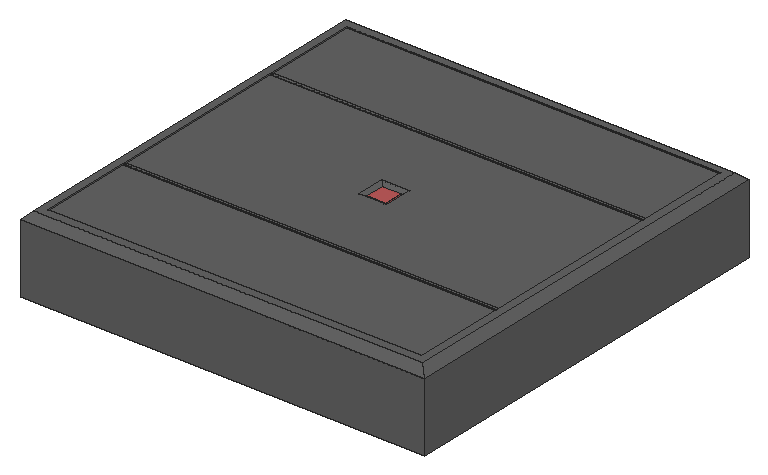
Revit family "Proximity Reader_P-900_Farpointe_R17", category Security Devices, host Face, Revit 2017
Family settings
  Host = Face
  Maintain Annotation Orientation = No
  Round Connector Dimension = Use Diameter
  Part Type = Normal
  Cut with Voids When Loaded = No
  Shared = No
  Room Calculation Point = No
Parameters
  Width = 10.5"
  URL - Quick Start Guides [instance] = "http://farpointedata.com/downloads/qsg_and_ref/ProximityReaders_QSG.pdf"
  URL - Mounting Guides Letter Size [instance] = "http://farpointedata.com/downloads/mounting_guides/MountingGuide_P900_Ltr.pdf"
  URL - Mounting Guides A4 Size [instance] = "http://farpointedata.com/downloads/mounting_guides/MountingGuide_P900_A4.pdf"
  URL - Data Sheets [instance] = "http://farpointedata.com/downloads/datasheets/P900_TDS.pdf"
  URL - Bid Specifications [instance] = "http://farpointedata.com/downloads/bid_specs/Farpointe_Pyramid_Specification.docx"
  URL = "http://www.farpointedata.com/"
  Modeled By [instance] = "www.commensestudio.com"
  Model = "P-900 Proximity Reader"  # constant formula
  Manufacturer = "Farpointe Data"  # constant formula
  LED [instance] = LED
  Height = 10.5"
  Description = "Long-Range Proximity, Single/Double-Gang Wall Switch Box"  # constant formula
  Depth = 2"
  Default Elevation = 48"
  Cover [instance] = Cover
Reference planes (in)
  plane 1 "Center (Front/Back)": y = 0
  plane 2: z = 0
  plane 3 "Center (Left/Right)": x = 0
  plane 4: x = -5.25
  plane 5: x = 5.25
  plane 6: y = 5.25
  plane 7: y = -5.25
  plane 8: z = 2
Forms (in)
  Extrusion 1, solid, material "Cover" <- "Cover"
    sketch origin (0, 0, 1.3) x (1, 0, 0) y (0, 1, 0)
      loop
        line (-5.25, -5.25) -> (5.25, -5.25) -> (5.25, 5.25) -> (-5.25, 5.25) -> (-5.25, -5.25)
    from -1.3 to 0.5
  Blend 2, solid, material "Cover" <- "Cover"
    base sketch origin (0, 0, 1.3) x (1, 0, 0) y (0, 1, 0)
      loop
        line (-5.25, 5.25) -> (-5.25, -5.25) -> (5.25, -5.25) -> (5.25, 5.25) -> (-5.25, 5.25)
    top sketch origin (0, 0, 1.3) x (1, 0, 0) y (0, 1, 0)
      loop
        line (-5.05, 5.05) -> (-5.05, -5.05) -> (5.05, -5.05) -> (5.05, 5.05) -> (-5.05, 5.05)
    from 0.5 to 0.7
  Extrusion 3, solid, material "LED" <- "LED"
    sketch origin (0, 0, 1.3) x (1, 0, 0) y (0, 1, 0)
      loop
        line (0.25, -0.25) -> (0.25, 0.25) -> (-0.25, 0.25) -> (-0.25, -0.25) -> (0.25, -0.25)
    from 0.5 to 0.61661
  Blend 4, void
    base sketch origin (0, 0, 1.3) x (1, 0, 0) y (0, 1, 0)
      loop
        line (-0.25, 0.25) -> (-0.25, -0.25) -> (0.25, -0.25) -> (0.25, 0.25) -> (-0.25, 0.25)
    top sketch origin (0, 0, 1.3) x (1, 0, 0) y (0, 1, 0)
      loop
        line (-0.39738, 0.39738) -> (-0.39738, -0.39738) -> (0.39738, -0.39738) -> (0.39738, 0.39738) -> (-0.39738, 0.39738)
    from 0.6 to 0.7
  Extrusion 5, void
    sketch origin (0, 0, 1) x (1, 0, 0) y (0, 1, 0)
      loop
        line (-4.85, 4.85) -> (-4.85, 2.4125) -> (4.85, 2.4125) -> (4.85, 4.85) -> (-4.85, 4.85)
      loop
        line (-4.85, -4.85) -> (4.85, -4.85) -> (4.85, -2.4125) -> (-4.85, -2.4125) -> (-4.85, -4.85)
      loop
        line (-4.85, 2.3625) -> (-4.85, -2.3625) -> (4.85, -2.3625) -> (4.85, 2.3625) -> (-4.85, 2.3625)
    from 0.98 to 1.2
Cuts and joins
  Blend 4, Extrusion 5 cuts Blend 2
Dimensions and locks (in)
  equal spacing: plane 7, plane 1 "Center (Front/Back)", plane 6
  equal spacing: plane 4, plane 3 "Center (Left/Right)", plane 5
  "Height": plane 7 to plane 6
  "Width": plane 4 to plane 5
  "Depth": plane 8 to level
  aligned and locked: plane 2 to host face
  aligned and locked: level to host face
  aligned and locked: Blend 2 sketch curve to Extrusion 1
Automatic sketch dimensions
  host sketch curve to host sketch curve = 96"  (x2)
  plane 6 to Extrusion 1 sketch curve = 0"
  plane 4 to Extrusion 1 sketch curve = 0"
  Extrusion 1 sketch curve to plane 5 = 0"
  Extrusion 1 sketch curve to plane 7 = 0"
  Blend 2 sketch curve to plane 7 = 0.2"
  plane 4 to Blend 2 sketch curve = 0.2"
  Blend 2 sketch curve to plane 5 = 0.2"
  plane 6 to Blend 2 sketch curve = 0.2"
  Extrusion 3 sketch curve to plane 3 "Center (Left/Right)" = 0.25"
  plane 3 "Center (Left/Right)" to Extrusion 3 sketch curve = 0.25"
  plane 1 "Center (Front/Back)" to Extrusion 3 sketch curve = 0.25"
  Extrusion 3 sketch curve to plane 1 "Center (Front/Back)" = 0.25"
  Blend 4 sketch curve to plane 3 "Center (Left/Right)" = 0.25"
  plane 3 "Center (Left/Right)" to Blend 4 sketch curve = 0.25"
  plane 1 "Center (Front/Back)" to Blend 4 sketch curve = 0.25"
  Blend 4 sketch curve to plane 1 "Center (Front/Back)" = 0.25"
  Blend 4 sketch curve to plane 3 "Center (Left/Right)" = 0.39738"
  plane 3 "Center (Left/Right)" to Blend 4 sketch curve = 0.39738"
  plane 1 "Center (Front/Back)" to Blend 4 sketch curve = 0.39738"
  Blend 4 sketch curve to plane 1 "Center (Front/Back)" = 0.39738"
  Blend 2 sketch curve to plane 4 = 0"
  plane 7 to Blend 2 sketch curve = 0"
  plane 6 to Blend 2 sketch curve = 0"
  plane 4 to Extrusion 5 sketch curve = 0.4"  (x2)
  Extrusion 5 sketch curve to plane 5 = 0.4"
  Extrusion 5 sketch curve to plane 7 = 0.4"
  plane 6 to Extrusion 5 sketch curve = 0.4"
  Extrusion 5 sketch curve to Extrusion 5 sketch curve = 2.4375"
  Extrusion 5 sketch curve to Extrusion 5 sketch curve = 0.05"  (x2)
  Extrusion 5 sketch curve to Extrusion 5 sketch curve = 2.4875"
  Extrusion 5 sketch curve to Extrusion 5 sketch curve = 0"  (x3)
Connectors (in)
  electrical at (0, 0, 0)
    settings: index 3, voltage 0 V, apparent load 0 VA, apparent load phase1 0 VA, apparent load phase2 0 VA, apparent load phase3 0 VA, power factor 1, load classification "Other", number of poles 1, system type 10, power factor state 1, is connector primary yes, connector utility no, sub classification motor no, connector description ""
